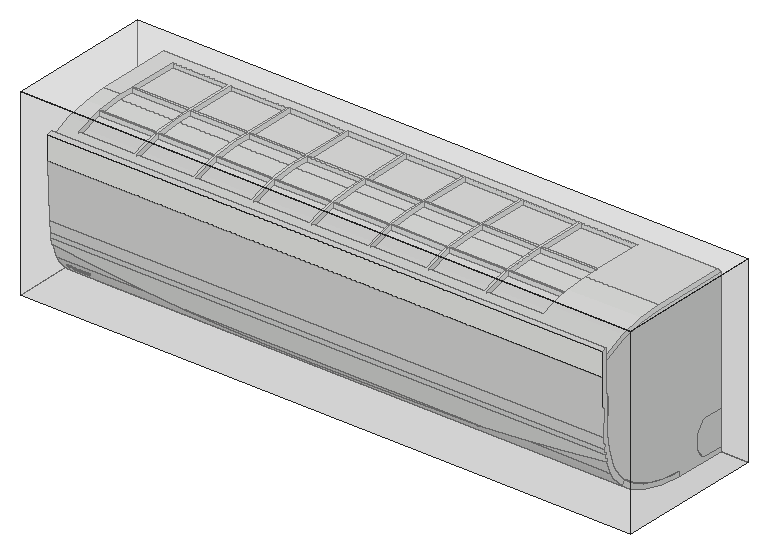
Revit family "outputfile", category 機械設備, Revit 2024 (continued)
Definition of nested family "DAIKIN_indoorunit_CTXM-RVMA"
  Automatic sketch dimensions
    Extrusion 40 sketch curve to Extrusion 40 sketch curve = 20.648 mm
    Extrusion 40 sketch curve to Extrusion 40 sketch curve = 1.494 mm  (x2)
    plane 1 "Center (Front/Back)" to Extrusion 40 sketch curve = 207.897 mm
    Extrusion 40 sketch curve to Extrusion 40 sketch curve = 0.026 mm  (x2)
    Extrusion 40 sketch curve to Extrusion 40 sketch curve = 0.13 mm
    plane 3 "Center (Left/Right)" to Extrusion 41 sketch curve = 428.371 mm
    Extrusion 41 sketch curve to Extrusion 41 sketch curve = 2.804 mm  (x2)
    Extrusion 41 sketch curve to Extrusion 41 sketch curve = 0.364 mm  (x2)
    Extrusion 41 sketch curve to Extrusion 41 sketch curve = 0.689 mm  (x2)
    Extrusion 41 sketch curve to Extrusion 41 sketch curve = 10.959 mm  (x2)
    plane 3 "Center (Left/Right)" to Extrusion 41 sketch curve = 111.098 mm
    Extrusion 41 sketch curve to Extrusion 41 sketch curve = 3.0 mm  (x5)
    Extrusion 41 sketch curve to Extrusion 41 sketch curve = 0.0 mm  (x9)
    Extrusion 41 sketch curve to Extrusion 41 sketch curve = 13.0 mm  (x2)
    Extrusion 41 sketch curve to plane 3 "Center (Left/Right)" = 214.402 mm
    Extrusion 41 sketch curve to Extrusion 41 sketch curve = 302.152 mm
    plane 1 "Center (Front/Back)" to Extrusion 41 sketch curve = 235.15 mm
    plane 1 "Center (Front/Back)" to Extrusion 41 sketch curve = 227.2 mm
    plane 1 "Center (Front/Back)" to Extrusion 41 sketch curve = 223.0 mm  (x2)
    Extrusion 41 sketch curve to Extrusion 41 sketch curve = 14.948 mm  (x2)
    Extrusion 41 sketch curve to Extrusion 41 sketch curve = 16.448 mm  (x2)
    Extrusion 41 sketch curve to Extrusion 41 sketch curve = 4.2 mm  (x2)
    Extrusion 41 sketch curve to Extrusion 41 sketch curve = 4.5 mm  (x4)
    Extrusion 41 sketch curve to Extrusion 41 sketch curve = 7.0 mm
    Extrusion 41 sketch curve to Extrusion 41 sketch curve = 0.95 mm
    Extrusion 41 sketch curve to Extrusion 41 sketch curve = 7.95 mm
    Extrusion 41 sketch curve to Extrusion 41 sketch curve = 13.5 mm
    Extrusion 41 sketch curve to Extrusion 41 sketch curve = 1.494 mm  (x2)
    plane 1 "Center (Front/Back)" to Extrusion 41 sketch curve = 207.897 mm
    Extrusion 41 sketch curve to Extrusion 41 sketch curve = 0.026 mm  (x2)
    Extrusion 41 sketch curve to Extrusion 41 sketch curve = 0.13 mm
    plane 1 "Center (Front/Back)" to Extrusion 42 sketch curve = 286.4 mm
    Extrusion 42 sketch curve to Extrusion 42 sketch curve = 41.2 mm
    Extrusion 42 sketch curve to Extrusion 42 sketch curve = 37.303 mm
    Extrusion 42 sketch curve to Extrusion 42 sketch curve = 1.344 mm
    Extrusion 42 sketch curve to level = 46.098 mm
    Extrusion 42 sketch curve to Extrusion 42 sketch curve = 10.921 mm
    Extrusion 42 sketch curve to Extrusion 42 sketch curve = 1.176 mm
    Extrusion 42 sketch curve to Extrusion 42 sketch curve = 19.311 mm
    plane 1 "Center (Front/Back)" to Extrusion 43 sketch curve = 58.306 mm
    plane 3 "Center (Left/Right)" to Extrusion 43 sketch curve = 425.0 mm
    Extrusion 43 sketch curve to Extrusion 43 sketch curve = 0.0 mm  (x217)
    Extrusion 43 sketch curve to Extrusion 43 sketch curve = 77.703 mm
    Extrusion 43 sketch curve to Extrusion 43 sketch curve = 3.0 mm  (x44)
    Extrusion 43 sketch curve to Extrusion 43 sketch curve = 78.2 mm  (x6)
    Extrusion 43 sketch curve to Extrusion 43 sketch curve = 0.5 mm  (x2)
    plane 3 "Center (Left/Right)" to Extrusion 43 sketch curve = 102.848 mm
    Extrusion 43 sketch curve to Extrusion 43 sketch curve = 2.5 mm  (x20)
    plane 3 "Center (Left/Right)" to Extrusion 43 sketch curve = 21.798 mm  (x9)
    Extrusion 43 sketch curve to Extrusion 43 sketch curve = 79.05 mm
    Extrusion 43 sketch curve to Extrusion 43 sketch curve = 78.55 mm  (x2)
    plane 1 "Center (Front/Back)" to Extrusion 43 sketch curve = 27.8 mm  (x11)
    Extrusion 43 sketch curve to Extrusion 43 sketch curve = 73.897 mm
    Extrusion 43 sketch curve to Extrusion 43 sketch curve = 27.894 mm  (x6)
    Extrusion 43 sketch curve to Extrusion 43 sketch curve = 2.611 mm  (x32)
    Extrusion 43 sketch curve to Extrusion 43 sketch curve = 25.389 mm  (x5)
    Extrusion 43 sketch curve to Extrusion 43 sketch curve = 21.389 mm  (x6)
    Extrusion 43 sketch curve to Extrusion 43 sketch curve = 18.388 mm  (x6)
    Extrusion 43 sketch curve to Extrusion 43 sketch curve = 2.616 mm  (x11)
    Extrusion 43 sketch curve to Extrusion 43 sketch curve = 13.376 mm  (x9)
    Extrusion 43 sketch curve to Extrusion 43 sketch curve = 2.639 mm  (x11)
    Extrusion 43 sketch curve to Extrusion 43 sketch curve = 11.35 mm  (x6)
    Extrusion 43 sketch curve to Extrusion 43 sketch curve = 2.664 mm  (x12)
    Extrusion 43 sketch curve to Extrusion 43 sketch curve = 8.331 mm  (x6)
    Extrusion 43 sketch curve to Extrusion 43 sketch curve = 2.676 mm  (x10)
    Extrusion 43 sketch curve to Extrusion 43 sketch curve = 8.318 mm  (x8)
    Extrusion 43 sketch curve to Extrusion 43 sketch curve = 2.69 mm  (x10)
    Extrusion 43 sketch curve to Extrusion 43 sketch curve = 7.303 mm  (x7)
    Extrusion 43 sketch curve to Extrusion 43 sketch curve = 2.705 mm  (x11)
    Extrusion 43 sketch curve to Extrusion 43 sketch curve = 7.138 mm  (x7)
  Nested families
    nested 1: "daikin_logo_plane_w40" at (-320, -198.871, -233.244) x (1, 0, 0) z (0, -0.7841, -0.6206), visible <- "switch_unit1_20-46", type "daikin_logo_plane_w40"
      with show_logo yes
    nested 2: "daikin_logo_plane_w40" at (-430, -237.74, -233.244) x (1, 0, 0) z (0, -0.7841, -0.6206), visible <- "switch_unit1_50-71", type "daikin_logo_plane_w40"
      with show_logo yes
    nested 3: "daikin_logo_plane_w40" at (-527, -258.836, -65) x (1, 0, 0) z (0, -0.9998, -0.0188), visible <- "switch_unit1_85-95", type "daikin_logo_plane_w40"
      with show_logo yes
  Definition of nested family "daikin_logo_plane_w40"
    Parameters (values of type "daikin_logo_plane_w40")
      width = 40.0 mm
      show_logo [instance] = yes
      material = none
      height = 0.0 mm
      depth = 0.0 mm
      Default Elevation = 1219.2 mm
    Reference planes
      plane 1 "Center (Front/Back)": y = 0
      plane 2: z = 0
      plane 3 "Center (Left/Right)": x = 0
      plane 4: z = 2
      plane 5 "left": x = -19
      plane 6: x = 19
    Forms (mm)
      Extrusion 1, solid, visible <- "show_logo"
        sketch origin (-19, 0, 0) x (1, 0, 0) y (0, 1, 0)
          loop
            line (8.902, -1.878) -> (7.789, -6.332) -> (11.13, -6.332)
            arc (11.13, -6.332) -> (12.454, -6.064) -> (13.472, -5.176) r 2.642
            arc (13.472, -5.176) -> (13.92, -4.02) -> (13.767, -2.79) r 2.537
            arc (13.767, -2.79) -> (13.452, -2.342) -> (12.982, -2.06) r 1.321
            arc (12.982, -2.06) -> (12.063, -1.902) -> (11.13, -1.878) r 6.479
            line (11.13, -1.878) -> (8.902, -1.878)
          loop
            line (10.016, -5.441) -> (10.907, -5.441)
            arc (10.907, -5.441) -> (11.591, -4.983) -> (11.988, -4.261) r 1.742
            spline (11.988, -4.261) -> (12.01, -4.155) -> (12.027, -4.03) -> (12.037, -3.893) -> (12.037, -3.747) -> (12.026, -3.598) -> (12.002, -3.451) -> (11.962, -3.31) -> (11.905, -3.181) -> (11.829, -3.069) -> (11.731, -2.978) -> (11.61, -2.913) -> (11.464, -2.88)
            line (11.464, -2.88) -> (10.573, -2.88) -> (10.016, -5.441)
          loop
            line (13.58, -6.332) -> (14.805, -6.332) -> (15.223, -5.553) -> (16.977, -5.553) -> (17.144, -6.332) -> (19.149, -6.332) -> (18.258, -1.878) -> (16.03, -1.878) -> (13.58, -6.332)
          loop
            line (16.476, -3.214) -> (15.76, -4.551) -> (16.762, -4.551) -> (16.476, -3.214)
          loop
            line (19.705, -6.332) -> (21.599, -6.332) -> (22.712, -1.878) -> (20.819, -1.878) -> (19.705, -6.332)
          loop
            line (22.712, -6.332) -> (24.606, -6.332) -> (24.908, -5.122) -> (25.831, -6.332) -> (28.17, -6.332) -> (26.388, -3.994) -> (28.949, -1.878) -> (26.945, -1.878) -> (25.401, -3.153) -> (25.719, -1.878) -> (23.826, -1.878) -> (22.712, -6.332)
          loop
            line (29.84, -1.878) -> (28.615, -6.332) -> (30.62, -6.332) -> (31.734, -1.878) -> (29.84, -1.878)
          loop
            line (31.734, -6.332) -> (33.07, -6.332) -> (33.7, -3.814) -> (34.518, -6.332) -> (36.745, -6.332) -> (37.859, -1.878) -> (36.523, -1.878) -> (35.845, -4.589) -> (34.963, -1.878) -> (32.847, -1.878) -> (31.734, -6.332)
        from 0 to 2
      Extrusion 2, solid, visible <- "show_logo"
        sketch origin (-19, 0, 0) x (1, 0, 0) y (0, 1, 0)
          loop
            line (8.7, 0) -> (4.235, 0) -> (0, -3.879) -> (0, -8) -> (8.7, 0)
        from 0 to 2
      Extrusion 3, solid, visible <- "show_logo"
        sketch origin (-19, 0, 0) x (1, 0, 0) y (0, 1, 0)
          loop
            line (0, 0) -> (0, -3.879) -> (4.235, 0) -> (0, 0)
        from 0 to 2
    Dimensions and locks
      plane 4 to plane 2 = 2.0 mm
      equal spacing: plane 5 "left", plane 3 "Center (Left/Right)", plane 6
      locked: plane 5 "left" to plane 6 at 38
      aligned and locked: level to plane 2
      aligned and locked: Extrusion 3 to plane 1 "Center (Front/Back)"  (x2)
      aligned and locked: Extrusion 2 to plane 1 "Center (Front/Back)"  (x2)
      aligned and locked: plane 4 to Extrusion 1
      aligned and locked: plane 4 to Extrusion 3
      aligned and locked: plane 4 to Extrusion 2
      aligned and locked: Extrusion 3 to plane 5 "left"
      aligned and locked: Extrusion 2 to plane 5 "left"
    Automatic sketch dimensions
      Extrusion 1 sketch curve to Extrusion 1 sketch curve = 0.901 mm
      Extrusion 1 sketch curve to Extrusion 1 sketch curve = 1.559 mm
      Extrusion 1 sketch curve to Extrusion 1 sketch curve = 1.327 mm
      Extrusion 1 sketch curve to Extrusion 1 sketch curve = 2.145 mm
      Extrusion 1 sketch curve to Extrusion 1 sketch curve = 1.448 mm
      Extrusion 1 sketch curve to Extrusion 1 sketch curve = 2.116 mm
      Extrusion 1 sketch curve to Extrusion 1 sketch curve = 1.114 mm  (x4)
      Extrusion 1 sketch curve to Extrusion 1 sketch curve = 1.336 mm  (x2)
      plane 1 "Center (Front/Back)" to Extrusion 1 sketch curve = 1.878 mm  (x5)
      Extrusion 1 sketch curve to Extrusion 1 sketch curve = 1.893 mm  (x5)
      Extrusion 1 sketch curve to Extrusion 1 sketch curve = 0.891 mm  (x4)
      Extrusion 1 sketch curve to Extrusion 1 sketch curve = 2.005 mm  (x3)
      Extrusion 1 sketch curve to Extrusion 1 sketch curve = 0.445 mm  (x2)
      plane 1 "Center (Front/Back)" to Extrusion 1 sketch curve = 3.994 mm
      Extrusion 1 sketch curve to Extrusion 1 sketch curve = 0.557 mm  (x2)
      Extrusion 1 sketch curve to Extrusion 1 sketch curve = 2.339 mm  (x2)
      Extrusion 1 sketch curve to Extrusion 1 sketch curve = 1.225 mm  (x3)
      plane 1 "Center (Front/Back)" to Extrusion 1 sketch curve = 3.153 mm
      Extrusion 1 sketch curve to Extrusion 1 sketch curve = 0.987 mm
      plane 1 "Center (Front/Back)" to Extrusion 1 sketch curve = 5.122 mm
      Extrusion 1 sketch curve to Extrusion 1 sketch curve = 0.922 mm
      plane 1 "Center (Front/Back)" to Extrusion 1 sketch curve = 6.332 mm
      Extrusion 1 sketch curve to Extrusion 1 sketch curve = 2.562 mm
      plane 1 "Center (Front/Back)" to Extrusion 1 sketch curve = 5.553 mm
      Extrusion 1 sketch curve to Extrusion 1 sketch curve = 0.167 mm
      Extrusion 1 sketch curve to Extrusion 1 sketch curve = 0.215 mm
      plane 1 "Center (Front/Back)" to Extrusion 1 sketch curve = 3.214 mm
      Extrusion 1 sketch curve to Extrusion 1 sketch curve = 0.286 mm
      plane 1 "Center (Front/Back)" to Extrusion 1 sketch curve = 4.551 mm
      Extrusion 1 sketch curve to Extrusion 1 sketch curve = 1.002 mm
      Extrusion 1 sketch curve to Extrusion 1 sketch curve = 0.537 mm
      Extrusion 1 sketch curve to Extrusion 1 sketch curve = 0.418 mm
      Extrusion 1 sketch curve to Extrusion 1 sketch curve = 1.028 mm
      plane 1 "Center (Front/Back)" to Extrusion 1 sketch curve = 4.261 mm
      Extrusion 1 sketch curve to Extrusion 1 sketch curve = 0.563 mm
      plane 1 "Center (Front/Back)" to Extrusion 1 sketch curve = 2.88 mm
      Extrusion 1 sketch curve to Extrusion 1 sketch curve = 1.088 mm
      Extrusion 1 sketch curve to Extrusion 1 sketch curve = 2.152 mm
      Extrusion 1 sketch curve to Extrusion 1 sketch curve = 0.586 mm
      Extrusion 1 sketch curve to Extrusion 1 sketch curve = 0.118 mm
      Extrusion 1 sketch curve to Extrusion 1 sketch curve = 0.298 mm
      Extrusion 1 sketch curve to Extrusion 1 sketch curve = 0.334 mm
      Extrusion 1 sketch curve to Extrusion 1 sketch curve = 0.223 mm
      Extrusion 1 sketch curve to Extrusion 1 sketch curve = 0.266 mm
      Extrusion 1 sketch curve to Extrusion 1 sketch curve = 1.671 mm
      Extrusion 1 sketch curve to Extrusion 1 sketch curve = 2.227 mm
      Extrusion 1 sketch curve to Extrusion 1 sketch curve = 0.0 mm  (x7)
      Extrusion 1 sketch curve to Extrusion 1 sketch curve = 3.453 mm
      Extrusion 1 sketch curve to Extrusion 1 sketch curve = 2.017 mm
      Extrusion 1 sketch curve to Extrusion 1 sketch curve = 0.78 mm  (x2)
      Extrusion 1 sketch curve to Extrusion 1 sketch curve = 1.743 mm
      Extrusion 1 sketch curve to Extrusion 1 sketch curve = 0.775 mm
      Extrusion 1 sketch curve to Extrusion 1 sketch curve = 0.552 mm
      Extrusion 1 sketch curve to Extrusion 1 sketch curve = 0.014 mm
      Extrusion 1 sketch curve to Extrusion 1 sketch curve = 0.952 mm
      Extrusion 1 sketch curve to Extrusion 1 sketch curve = 1.215 mm
      Extrusion 1 sketch curve to Extrusion 1 sketch curve = 0.108 mm
      plane 1 "Center (Front/Back)" to Extrusion 2 sketch curve = 0.0 mm
      Extrusion 2 sketch curve to plane 3 "Center (Left/Right)" = 19.0 mm
      Extrusion 2 sketch curve to plane 3 "Center (Left/Right)" = 14.765 mm
      Extrusion 2 sketch curve to Extrusion 2 sketch curve = 4.465 mm
      plane 1 "Center (Front/Back)" to Extrusion 2 sketch curve = 3.879 mm
      Extrusion 2 sketch curve to Extrusion 2 sketch curve = 4.12 mm
      plane 1 "Center (Front/Back)" to Extrusion 3 sketch curve = 0.0 mm
      Extrusion 3 sketch curve to plane 3 "Center (Left/Right)" = 19.0 mm
      Extrusion 3 sketch curve to plane 3 "Center (Left/Right)" = 14.765 mm
      plane 1 "Center (Front/Back)" to Extrusion 3 sketch curve = 3.879 mm
      Extrusion 1 sketch curve to plane 3 "Center (Left/Right)" = 11.211 mm
      Extrusion 1 sketch curve to Extrusion 1 sketch curve = 1.782 mm
Definition of nested family "daikin_connector_rotate3"
  Parameters (values of type "daikin_connector_rotate3")
    show [instance] = yes
    radius [instance] = 10.0 mm
    length [instance] = 600.0 mm
    angle_horizontal [instance] = 60.00°
    angle_vertical [instance] = 90.00°
    Default Elevation = 1219.2 mm
  Reference planes
    plane 1 "Center (Front/Back)": y = 0
    plane 2: z = 0
    plane 3 "Center (Left/Right)": x = 0
  Dimensions and locks
    "angle_horizontal": angle plane 3 "Center (Left/Right)" to nested 1
    aligned and locked: level to plane 2
    aligned and locked: plane 1 "Center (Front/Back)" to nested 1  (x2)
    aligned and locked: plane 3 "Center (Left/Right)" to nested 1
  Nested families
    nested 1: "daikin_connector_rotate2" at (0, 0, 0) x (0.5, 0.866, 0) z (0, 0, 1), angle_vertical <- "angle_vertical", length <- "length", radius <- "radius", type "daikin_connector_rotate2"
      with radius 10.0 mm, length 600.0 mm, angle_vertical 90.00°
  Definition of nested family "daikin_connector_rotate2"
    Parameters (values of type "daikin_connector_rotate2")
      show_face = yes
      radius [instance] = 10.0 mm
      length [instance] = 600.0 mm
      d_surface = 10.0 mm
      angle_vertical [instance] = 90.00°
      Default Elevation = 0.0 mm
    Reference planes
      plane 1 "Center (Front/Back)": y = 0
      plane 2: z = 0
      plane 3 "Center (Left/Right)": x = 0
    Forms (mm)
      Extrusion 1, solid, visible <- "show_face"
        sketch origin (0, -600, 0) x (1, 0, 0) y (0, 0, 1)
          loop
            circle (0, 0) r 10
        from 0 to -10
    Lines and regions (mm)
      reference lines
        curve 1: line (0, 0, 0) -> (0, -600, 0)
      symbolic lines
        curve 2: circle (0, 0, 0) r 5 normal (0, 0, 1)
      model lines, visible <- "show_face"
        curve 3: line (0, 0, 0) -> (0, -600, 0)
    Dimensions and locks
      "length": curve 1 to curve 1
      "length": curve 3 to curve 3
      "d_surface": Extrusion 1 to Extrusion 1
      "radius": radius of Extrusion 1 sketch curve
      "angle_vertical": angle curve 1 to plane 1 "Center (Front/Back)"
      "angle_vertical": angle curve 3 to plane 1 "Center (Front/Back)"
      aligned and locked: level to plane 2
      aligned and locked: plane 1 "Center (Front/Back)" to curve 1
      aligned and locked: plane 2 to curve 1
      aligned and locked: plane 1 "Center (Front/Back)" to curve 2
      aligned and locked: plane 3 "Center (Left/Right)" to curve 2
      aligned and locked: plane 1 "Center (Front/Back)" to curve 3
      aligned and locked: plane 2 to curve 3
      aligned and locked: Extrusion 1 to Extrusion 1
    Automatic sketch dimensions
      Extrusion 1 sketch curve to level = 0.0 mm
      Extrusion 1 sketch curve to plane 3 "Center (Left/Right)" = 0.0 mm
      radius of curve 2 = 5.0 mm
